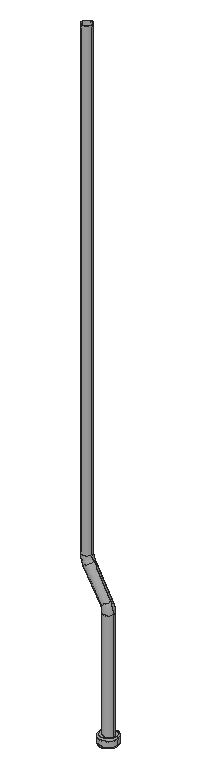
Revit family "PRD_FrankeWS_ShwrFttngsPckg_ShowerPipe_ACSX2001_ACSX2002_ACXX2003_V1", category Specialty Equipment, Revit 2018
Family settings
  Round Connector Dimension = Use Diameter
  Part Type = Normal
  OmniClass Number = 23.45.05.14.99
  OmniClass Title = Other Sanitary Washing Plumbing Fixtures
  Work Plane-Based = No
  Always vertical = Yes
  Cut with Voids When Loaded = No
  Shared = No
  Room Calculation Point = No
Parameters (values of type "ACSX2001")
  WithCrank = "Yes"
  WarrantyStartDate [instance] = "1900-12-31T23:59:59"
  WarrantyGuarantorParts = "n/a"
  WarrantyGuarantorLabor = "n/a"
  WarrantyDurationUnit = "year"
  WarrantyDurationParts = "n/a"
  WarrantyDurationLabor = "n/a"
  WarrantyDescription = "n/a"
  Version = "1"
  Uniclass2015Version = "Products v1.23"
  Uniclass2015Title = "Shower fittings package"
  Uniclass2015Code = "Pr_40_20_87_75"
  URL = "www.kwc.com"
  TypeOfShowerPipe = "Shower pipe"
  TypeOfFlushingPipe = "n/a"
  TemperatureRange = 0 °C
  TagNumber [instance] = "n/a"
  SustainabilityPerformance = "n/a"
  Status = "New"
  Size = "n/a"
  Shape = "n/a"
  SerialNumber [instance] = "n/a"
  Revision = "n/a"
  ReplacementCost = "n/a"
  Reference = "n/a"
  ProductInformation = "https://pim.kwc.com/product/2030039555/attachment/datasheet?locale=en"
  ProductCode = "210.0597.542"
  PressureRange = 0.0 Pa
  PressureClass = 0.0 Pa
  CrankOffset = 39 mm
  NominalWidth = 0 mm
  NominalHeight = 1200 mm
  NominalDepth = 0 mm
  NetWeight = 0.55 kg
  Name = "F3 Shower pipe ACSX2001"
  NBSTypeID = "n/a"
  NBSReference = "45-35-70/330"
  NBSOfficeMasterTag = "n/a"
  NBSNote = "n/a"
  NBSDescription = "Shower fittings package"
  NBSCertification = "n/a"
  ModelReference = "ACSX2001"
  ModelNumber = "2030039555"
  Model = ModelReference  # "ACSX2001"
  Material = "Brass"
  ManufacturerURL = "www.kwc.com"
  ManufacturerName = "KWC Group AG"  # constant formula
  Manufacturer = ManufacturerName  # "KWC Group AG"
  IntegralAccessories = "with union nut"
  InstallationDate [instance] = "1900-12-31T23:59:59"
  IfcExportType = "USERDEFINED"
  IfcExportAs = "IfcPipeFittingType"
  GrossWeight = 0.60 kg
  Grade = "n/a"
  FittingLossFactor = 0
  Finish = "Polished chrome"
  Features = "Diameter 18 x 0.8 mm, length 1200 mm, crank 39 mm"
  ExpectedLife = "n/a"
  DurationUnit = "year"
  Description = "Shower pipe for surface installation for connection to F3S self-closing showers, polished chromium-plated brass, with union nut. Diameter 18 x 0.8 mm, length 1200 mm, crank 39 mm."
  CreatedOn = "04/2022"  # constant formula
  Crank = "39.00 mm"
  Constituents = "n/a"
  Color = "Chrome"
  CodePerformance = "n/a"
  Category = "Pr_40_20_87_75, Shower fittings package"
  BodyMaterial = PRD_AR_ChromatedBrass_HighPolished
  BarCode [instance] = "n/a"
  BIMObjectName = "PRD_AR_ShowerFittingsPackage_ShowerPipe_ACSX2001"
  Author = "Archispace"  # constant formula
  AssetType = "Fixed"
  AssetIdentifier [instance] = "n/a"
  AccessibilityPerformance = "n/a"
Types (3, lengths in mm): name | Uniclass2015Version | ProductInformation | ProductCode | CrankOffset | NetWeight | Name | ModelReference | ModelNumber | Model | IntegralAccessories | GrossWeight | Features | Description | Crank | BIMObjectName
  ACSX2002 | "Products v1.17" | "https://pim.kwc.com/product/2030041522/attachment/datasheet?locale=en" | "210.0636.673" | 75 | 0.50 kg | "Shower pipe ACSX2002" | "ACSX2002" | "2030041522" | "ACSX2002" | "n/a" | 0.54 kg | "Diameter 18 x 0.8 mm, length 1200 mm, crank 75 mm" | "Shower pipe for surface installation for connection to F5S self-closing showers, polished chromium-plated brass, with union nut." | "75.00 mm" | "PRD_AR_ShowerFittingsPackage_ShowerPipe_ACSX2002"
  ACSX2001 | "Products v1.23" | "https://pim.kwc.com/product/2030039555/attachment/datasheet?locale=en" | "210.0597.542" | 39 | 0.55 kg | "F3 Shower pipe ACSX2001" | "ACSX2001" | "2030039555" | "ACSX2001" | "with union nut" | 0.60 kg | "Diameter 18 x 0.8 mm, length 1200 mm, crank 39 mm" | "Shower pipe for surface installation for connection to F3S self-closing showers, polished chromium-plated brass, with union nut. Diameter 18 x 0.8 mm, length 1200 mm, crank 39 mm." | "39.00 mm" | "PRD_AR_ShowerFittingsPackage_ShowerPipe_ACSX2001"
  ACXX2003 | "Products v1.23" | "https://pim.kwc.com/product/2030041525/attachment/datasheet?locale=en" | "n/a" | 96 | 0.50 kg | "F5 Shower pipe ACXX2003" | "ACXX2003" | "2030041525" | "ACXX2003" | "with union nut" | 0.52 kg | "Diameter 18 x 0.8 mm, length 1200 mm, crank 96 mm" | "Shower pipe for surface installation for connection to F5E-Therm electronic showers and F5L lever mixer, polished chromium-plated brass, with union nut. Diameter 18 x 0.8 mm, length 1200 mm, crank 96 mm." | "96.00 mm" | "PRD_AR_ShowerFittingsPackage_ShowerPipe_ACXX2003"
Reference planes
  plane 1 "Center (Front/Back)": y = 0
  plane 2: z = 0
  plane 3 "Center (Left/Right)": x = 0
  plane 4: x = -39
Forms (mm)
  Revolve 1, solid, material "PRD_AR_ChromatedBrass_HighPolished" <- "BodyMaterial", detail levels fine
    sketch origin (20, 0, 0) x (1, 0, 0) y (0, 0, 1)
      loop
        line (-32.058, 9.7) -> (-20, 9.7) -> (-20, 11.201) -> (-29.25, 11.201) -> (-29.25, 15) -> (-34.5, 15)
        arc (-34.5, 15) -> (-35.949, 13.904) -> (-36.5, 12.172) r 3
        line (-36.5, 12.172) -> (-36.5, 2.828)
        arc (-36.5, 2.828) -> (-35.949, 1.096) -> (-34.5, 0) r 3
        line (-34.5, 0) -> (-33.5, 0) -> (-33.5, 1) -> (-32.058, 2.441) -> (-32.058, 9.7)
      axis (-20, 15) -> (-20, 0)
    angle from 0 to 360
  Sweep 2, solid, material "PRD_AR_ChromatedBrass_HighPolished" <- "BodyMaterial", detail levels fine
    path origin (0, 0, 0) x (1, 0, 0) y (0, 0, 1)
      loop
        line (0, 0) -> (0, 211.2)
        arc (0, 211.2) -> (-1.022, 218.965) -> (-4.019, 226.2) r 30
        line (-4.019, 226.2) -> (-34.981, 279.827)
        arc (-34.981, 279.827) -> (-37.978, 287.062) -> (-39, 294.827) r 30
        line (-39, 294.827) -> (-39, 1148.846)
    profile origin (0, 0, 105.6) x (-1, 0, 0) y (0, -1, 0)
      loop
        circle (0, 0) r 9
      loop
        circle (0, 0) r 8.2
  Sweep 3, solid, material "PRD_AR_ChromatedBrass_HighPolished" <- "BodyMaterial", detail levels coarse+medium
    path origin (0, 0, 0) x (1, 0, 0) y (0, 0, 1)
      loop
        line (0, 0) -> (0, 211.2)
        arc (0, 211.2) -> (-1.022, 218.965) -> (-4.019, 226.2) r 30
        line (-4.019, 226.2) -> (-34.981, 279.827)
        arc (-34.981, 279.827) -> (-37.978, 287.062) -> (-39, 294.827) r 30
        line (-39, 294.827) -> (-39, 1148.846)
    profile origin (0, 0, 105.6) x (-1, 0, 0) y (0, -1, 0)
      loop
        circle (0, 0) r 9
Cuts and joins
  joined: Revolve 1, Sweep 2
Dimensions and locks
  "CrankOffset": plane 3 "Center (Left/Right)" to plane 4
  locked: plane 3 "Center (Left/Right)" to Sweep 3 sketch curve (angle 30.00°)
  locked: Sweep 3 sketch curve to Sweep 3 sketch curve (angle 150.00°)
  locked: plane 3 "Center (Left/Right)" to Sweep 2 sketch curve (angle 30.00°)
  locked: Sweep 2 sketch curve to Sweep 2 sketch curve (angle 150.00°)
  aligned and locked: level to plane 2
  aligned and locked: Sweep 3 sketch curve to plane 4
  aligned and locked: Sweep 2 sketch curve to plane 4
Automatic sketch dimensions
  Revolve 1 sketch curve to level = 0 mm  (x2)
  Revolve 1 sketch curve to plane 3 "Center (Left/Right)" = 0 mm  (x2)
  Revolve 1 sketch curve to plane 3 "Center (Left/Right)" = 9.25 mm
  level to Revolve 1 sketch curve = 2.441 mm
  Revolve 1 sketch curve to Revolve 1 sketch curve = 2.809 mm
  Revolve 1 sketch curve to Revolve 1 sketch curve = 1.442 mm  (x2)
  Revolve 1 sketch curve to Revolve 1 sketch curve = 0 mm
  Revolve 1 sketch curve to Revolve 1 sketch curve = 1 mm  (x2)
  level to Revolve 1 sketch curve = 2.828 mm
  level to Revolve 1 sketch curve = 1 mm
  Revolve 1 sketch curve to Revolve 1 sketch curve = 6.872 mm
  Revolve 1 sketch curve to Revolve 1 sketch curve = 1.501 mm
  Revolve 1 sketch curve to Revolve 1 sketch curve = 2.472 mm
  Revolve 1 sketch curve to Revolve 1 sketch curve = 2.801 mm
  Sweep 2 sketch curve to plane 3 "Center (Left/Right)" = 0 mm
  Sweep 2 sketch curve to level = 0 mm
  plane 4 to Sweep 2 sketch curve = 4.019 mm
  Sweep 2 sketch curve to Sweep 2 sketch curve = 25.981 mm
  Sweep 2 sketch curve to plane 3 "Center (Left/Right)" = 30 mm
  Sweep 2 sketch curve to plane 3 "Center (Left/Right)" = 4.019 mm
  level to Sweep 2 sketch curve = 211.2 mm
  Sweep 2 sketch curve to Sweep 2 sketch curve = 0 mm  (x2)
  plane 1 "Center (Front/Back)" to Sweep 2 sketch curve = 0 mm
  Sweep 2 sketch curve to profile plane = 0 mm
  Sweep 3 sketch curve to plane 3 "Center (Left/Right)" = 0 mm
  Sweep 3 sketch curve to level = 0 mm
  plane 4 to Sweep 3 sketch curve = 4.019 mm
  Sweep 3 sketch curve to Sweep 3 sketch curve = 25.981 mm
  Sweep 3 sketch curve to plane 3 "Center (Left/Right)" = 30 mm
  Sweep 3 sketch curve to plane 3 "Center (Left/Right)" = 4.019 mm
  Sweep 3 sketch curve to Sweep 3 sketch curve = 211.2 mm
  plane 1 "Center (Front/Back)" to Sweep 3 sketch curve = 0 mm
  Sweep 3 sketch curve to profile plane = 0 mm
  radius of Sweep 2 sketch curve = 9 mm
  radius of Sweep 2 sketch curve = 8.2 mm
  radius of Sweep 3 sketch curve = 9 mm
